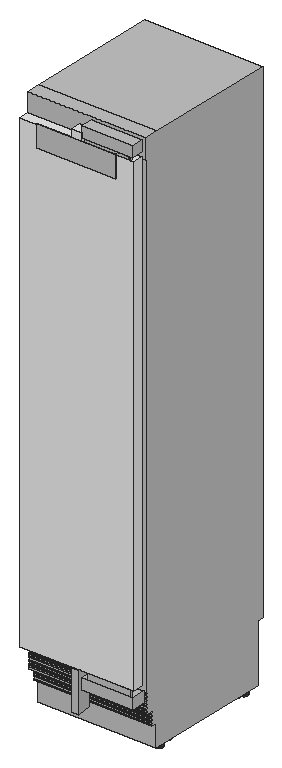
Revit family "FP_Revit_18_RS1884FRJK1_Freezer_90001048A", category Specialty Equipment, Revit 2018
Family settings
  Round Connector Dimension = Use Diameter
  Part Type = Normal
  OmniClass Number = 23.40.40.11.11
  OmniClass Title = Refrigerators and Freezers
  Work Plane-Based = No
  Always vertical = Yes
  Cut with Voids When Loaded = Yes
  Shared = No
  Room Calculation Point = No
Parameters (values of type "RS1884FRJ1")
  Visibility - Water Connection = yes
  Visibility - Visibility Control Note = yes
  Visibility - Clearance Required = yes
  URL = "www.fisherpaykel.com"
  Stainless Steel Door Panels (RD1884R4D) = no
  Product - Width = 451 mm  # constant formula
  Product - Height = 2134 mm  # constant formula
  Product - Depth (exl front panel) = 610 mm  # constant formula
  Model = "RS1884FRJ1"
  Material - Handle = Fisher & Paykel - Aluminium
  Material - Door Structure = Fisher & Paykel - White
  Material - Door Front = Fisher & Paykel - Stainless Steel
  Material - Body = Fisher & Paykel - Grey
  Manufacturer = "Fisher & Paykel Appliances"
  Handle Style - Professional Square (AHV2-RD84) = no
  Handle Style - Professional Round (AHC-RD84) = no
  Handle Style - Contemporary Square (AHD3-RD84) = no
  Handle Style - Contemporary Round (AHS-RD84) = no
  Description = "18\" Integrated Column Freezer with internal ice maker, white interior"
  Connector Description - Water = "1/4\" (6mm) comp. stainless steel braided hose"
  Connector Description - Electrical = "120 V, 10 amp fused electrical supply"
  Cavity - Width = 457 mm  # constant formula
  Cavity - Height = 2134 mm  # constant formula
  Cavity - Depth = 635 mm  # constant formula
Types (3, lengths in mm): name | Model | Description
  (no name) | "RS1884FRJ1" | "18\" Integrated Column Freezer with internal ice maker, white interior"
  RS1884FRJ1 | "RS1884FRJ1" | "18\" Integrated Column Freezer with internal ice maker, white interior"
  RS1884FRJK1 | "RS1884FRJK1" | "18\" Integrated Column Freezer with internal ice maker, stainless steel interior"
Reference planes
  plane 1 "Datum": y = 0
  plane 2: z = 0
  plane 3 "Center (Left/Right)": x = 0
  plane 4 "Product LHS": x = -225.5
  plane 5 "Product RHS": x = 225.5
  plane 6 "Product - Depth": y = 610
  plane 7 "Cavity LHS": x = -228.5
  plane 8 "Cavity RHS": x = 228.5
  plane 9 "Cavity - Depth": y = 612.9
  plane 10 "Handle Offset": x = -162.5
  plane 11 "Product Height": z = 2134
  plane 12 "Cavity Height": z = 2134
  plane 13 "Door Panel Datum": y = -4.1
Forms (mm)
  Extrusion 1, solid, material "Fisher & Paykel - Grey" <- "Material - Body", detail levels fine
    sketch origin (0, 0, 0) x (0, 1, 0) y (0, 0, 1)
      loop
        line (100.1, 19.1) -> (587.9, 19.1) -> (587.9, 239.7) -> (610, 239.7) -> (610, 2131.9) -> (105.1, 2131.9) -> (105.1, 2134) -> (49.9, 2134) -> (49.9, 2059) -> (56, 2059) -> (56, 228.6) -> (59.5, 228.6) -> (59.5, 219.7) -> (56.5, 219.7) -> (56.5, 215.9) -> (59.5, 215.9) -> (59.5, 207) -> (56.5, 207) -> (56.5, 203.2) -> (59.5, 203.2) -> (59.5, 194.3) -> (56.5, 194.3) -> (56.5, 190.5) -> (59.5, 190.5) -> (59.5, 181.6) -> (56.5, 181.6) -> (56.5, 177.8) -> (59.5, 177.8) -> (59.5, 168.9) -> (56.5, 168.9) -> (56.5, 165.1) -> (59.5, 165.1) -> (59.5, 156.2) -> (56.5, 156.2) -> (56.5, 152.4) -> (84.1, 152.4) -> (84.1, 143.5) -> (81.1, 143.5) -> (81.1, 139.7) -> (84.1, 139.7) -> (84.1, 130.8) -> (81.1, 130.8) -> (81.1, 127) -> (84.1, 127) -> (84.1, 118.1) -> (81.1, 118.1) -> (81.1, 114.3) -> (84.1, 114.3) -> (84.1, 105.4) -> (81.1, 105.4) -> (81.1, 101.6) -> (100.1, 101.6) -> (100.1, 19.1)
    from -225.5 to 225.5
  Extrusion 2, solid, material "Fisher & Paykel - Black"
    sketch origin (0, 0, 0) x (1, 0, 0) y (0, 1, 0)
      loop
        circle (-205, 547.8) r 4.1
      loop
        circle (-205, 141.8) r 4.1
      loop
        circle (205, 547.8) r 4.1
      loop
        circle (205, 141.8) r 4.1
    from 3 to 19.5
  Extrusion 3, solid, material "Fisher & Paykel - Black"
    sketch origin (0, 0, 0) x (1, 0, 0) y (0, 1, 0)
      loop
        circle (-205, 547.8) r 14.5
      loop
        circle (-205, 141.8) r 14.555
      loop
        circle (205, 547.8) r 14.5
      loop
        circle (205, 141.8) r 14.555
    from 0 to 3
  Extrusion 4, solid, material "Fisher & Paykel - Grey" <- "Material - Body", detail levels fine
    sketch origin (0, 0, 0) x (1, 0, 0) y (0, 1, 0)
      loop
        line (-7.5, 49) -> (-13.797, -4.1) -> (13.797, -4.1) -> (7.5, 49) -> (-7.5, 49)
    from 104.2 to 254.2
  Extrusion 5, solid, material "Fisher & Paykel - Grey" <- "Material - Body", detail levels fine
    sketch origin (0, 0, 0) x (1, 0, 0) y (0, 0, 1)
      loop
        line (213.9, 2123.15) -> (18.92, 2123.15) -> (18.92, 2081.05) -> (213.9, 2081.05) -> (213.9, 2123.15)
    from -49 to -2.5
  Extrusion 6, solid, material "Fisher & Paykel - Grey" <- "Material - Body", detail levels fine
    sketch origin (0, 0, 0) x (1, 0, 0) y (0, 0, 1)
      loop
        line (41.9, 254.2) -> (41.9, 229.75) -> (206.9, 229.75) -> (206.9, 254.2) -> (41.9, 254.2)
      loop
        line (29.5, 2081.05) -> (29.5, 2068.6) -> (206.9, 2068.6) -> (206.9, 2076.05) -> (166.9, 2081.05) -> (29.5, 2081.05)
    from -7 to -4
  Extrusion 7, solid, material "Fisher & Paykel - Grey" <- "Material - Body", detail levels fine
    sketch origin (0, 0, 0) x (0, 1, 0) y (0, 0, 1)
      loop
        line (0, 2070.6) -> (0, 1988.6) -> (2, 1988.6) -> (2, 2068.6) -> (4, 2068.6) -> (4, 2070.6) -> (0, 2070.6)
    from -150 to 150
  Extrusion 8, solid, material "Fisher & Paykel - Black"
    sketch origin (0, 0, 0) x (1, 0, 0) y (0, 0, 1)
      loop
        circle (150.5, 119.813) r 5
      loop
        circle (-150.5, 119.813) r 5
    from -590 to -587.9
  Extrusion 9, solid, material "Fisher & Paykel - White" <- "Material - Door Structure"
    sketch origin (0, 0, 0) x (1, 0, 0) y (0, 1, 0)
      loop
        line (-200.5, 56) -> (-200.5, 42) -> (200.5, 42) -> (200.5, 56) -> (-200.5, 56)
    from 269.6 to 2030.7
  Extrusion 10, solid, material "Fisher & Paykel - White" <- "Material - Door Structure"
    sketch origin (0, 0, 0) x (1, 0, 0) y (0, 1, 0)
      loop
        line (-216.9, 42) -> (-216.9, 3) -> (216.9, 3) -> (216.9, 42) -> (-216.9, 42)
    from 254.2 to 2068.6
  Extrusion 11, solid, material "Fisher & Paykel - White" <- "Material - Door Structure", detail levels fine
    sketch origin (0, 0, 0) x (1, 0, 0) y (0, 0, 1)
      loop
        line (-18.92, 2100.1) -> (-18.92, 2068.6) -> (18.92, 2068.6) -> (18.92, 2100.1) -> (-18.92, 2100.1)
    from -42 to -3
  Extrusion 12, solid, material "Fisher & Paykel - Stainless Steel" <- "Material - Door Front", visible <- "Stainless Steel Door Panels (RD1884R4D)"
    sketch origin (0, 0, 0) x (0, 1, 0) y (0, 0, 1)
      loop
        line (-22.1, 2130.8) -> (-22.1, 102) -> (-4.1, 102) -> (-4.1, 2130.8) -> (-22.1, 2130.8)
    from -225.5 to 225.5
  Extrusion 13, solid, material "Fisher & Paykel - Grey" <- "Material - Body", detail levels coarse+medium
    sketch origin (0, 0, 0) x (0, 1, 0) y (0, 0, 1)
      loop
        line (49.9, 2134) -> (49.9, 2059) -> (56, 2059) -> (56, 152.4) -> (81.1, 152.4) -> (81.1, 101.6) -> (100.1, 101.6) -> (100.1, 19.1) -> (587.9, 19.1) -> (587.9, 239.7) -> (610, 239.7) -> (610, 2134) -> (49.9, 2134)
    from -225.5 to 225.5
  Extrusion 14, solid, material "Fisher & Paykel - Grey" <- "Material - Body", detail levels fine
    sketch origin (0, 0, 0) x (1, 0, 0) y (0, 0, 1)
      loop
        line (213.9, 187.65) -> (213.9, 229.75) -> (18.92, 229.75) -> (18.92, 187.65) -> (213.9, 187.65)
    from -56 to -2.5
  Extrusion 15, solid, material "Fisher & Paykel - Black", detail levels fine
    sketch origin (0, 0, -4) x (0, 1, 0) y (0, 0, 1)
      loop
        arc (163.888, 23.1) -> (180.4, 13.63) -> (196.912, 23.1) r 19.13
        line (196.912, 23.1) -> (163.888, 23.1)
      loop
        arc (493.888, 23.1) -> (510.4, 13.63) -> (526.912, 23.1) r 19.13
        line (526.912, 23.1) -> (493.888, 23.1)
    from 191 to 219
  Extrusion 16, solid, material "Fisher & Paykel - Black", detail levels fine
    sketch origin (0, 0, -4) x (0, 1, 0) y (0, 0, -1)
      loop
        line (163.888, -23.1) -> (196.912, -23.1)
        arc (196.912, -23.1) -> (180.4, -13.63) -> (163.888, -23.1) r 19.13
      loop
        line (493.888, -23.1) -> (526.912, -23.1)
        arc (526.912, -23.1) -> (510.4, -13.63) -> (493.888, -23.1) r 19.13
    from 191 to 219
  Extrusion 17, solid, material "Fisher & Paykel - Clearance Required", visible <- "Visibility - Clearance Required", detail levels coarse
    sketch origin (0, 0, 0) x (1, 0, 0) y (0, 1, 0)
      loop
        line (-228.5, 612.9) -> (-228.5, -4.1) -> (228.5, -4.1) -> (228.5, 612.9) -> (-228.5, 612.9)
    from 0 to 2134
  Extrusion 18, void
    sketch origin (0, 0, 0) x (1, 0, 0) y (0, 1, 0)
      loop
        line (-228.5, 612.9) -> (-228.5, -22.1) -> (228.5, -22.1) -> (228.5, 612.9) -> (-228.5, 612.9)
    from 0 to 2134
  Extrusion 19, solid, material "Fisher & Paykel - Clearance Required", visible <- "Visibility - Clearance Required", detail levels coarse
    sketch origin (0, 0, 0) x (1, 0, 0) y (0, 1, 0)
      loop
        line (225.5, -22.1) -> (-225.5, -22.1)
        arc (-225.5, -22.1) -> (-5.304, -426.707) -> (453.319, -469.813) r 490
        line (453.319, -469.813) -> (431.257, -422.501) -> (458.764, -409.674)
        arc (458.764, -409.674) -> (467.405, -384.437) -> (441.854, -376.772) r 18.51
        line (441.854, -376.772) -> (415.635, -388.999) -> (262.718, -61.068)
        arc (262.718, -61.068) -> (228.203, -56.776) -> (225.5, -22.1) r 27.5
    from 0 to 2134
Lines and regions (mm)
  model lines, style "Fisher & Paykel"
    curve 1: line (-225.5, -4.1, 2130.8) -> (225.5, -4.1, 2130.8)
    curve 2: line (-225.5, -4.1, 102) -> (-225.5, -4.1, 2130.8)
    curve 3: line (225.5, -4.1, 102) -> (-225.5, -4.1, 102)
    curve 4: line (225.5, -4.1, 2130.8) -> (225.5, -4.1, 102)
Text (mm)
  text "Due to ongoing product development, product details are subject to change without notice. \nPlease always refer to www.fisherpaykel.com for the most current product information. \n© Fisher & Paykel 2020" at (41.04, -588.295, 0), in view "Ref. Level (Plan)"
Dimensions and locks
  equal spacing: plane 4 "Product LHS", plane 3 "Center (Left/Right)", plane 5 "Product RHS"
  "Product - Width": plane 4 "Product LHS" to plane 5 "Product RHS"
  "Product - Depth (exl front panel)": plane 1 "Datum" to plane 6 "Product - Depth"
  equal spacing: plane 7 "Cavity LHS", plane 3 "Center (Left/Right)", plane 8 "Cavity RHS"
  "Cavity - Width": plane 7 "Cavity LHS" to plane 8 "Cavity RHS"
  plane 4 "Product LHS" to Extrusion 2 sketch curve = 24.6 mm
  Extrusion 8 sketch curve to Extrusion 1 = 119.887 mm  (x2)
  Extrusion 8 sketch curve to plane 5 "Product RHS" = 75 mm
  plane 4 "Product LHS" to Extrusion 8 sketch curve = 75 mm
  Extrusion 1 sketch curve to Extrusion 1 sketch curve = 82.5 mm
  Extrusion 1 sketch curve to Extrusion 1 sketch curve = 209.5 mm
  Extrusion 1 sketch curve to Extrusion 1 sketch curve = 220.6 mm
  Extrusion 3 to level = 3 mm
  Extrusion 13 to Extrusion 10 = 235.1 mm
  Extrusion 13 to Extrusion 9 = 250.5 mm
  Extrusion 13 to Extrusion 13 = 2114.9 mm
  "Product - Height": level to plane 11 "Product Height"
  plane 11 "Product Height" to Extrusion 12 = 3.2 mm
  Extrusion 10 to plane 11 "Product Height" = 65.4 mm
  Extrusion 9 to plane 11 "Product Height" = 103.3 mm
  Extrusion 13 sketch curve to plane 11 "Product Height" = 75 mm
  Extrusion 1 sketch curve to plane 11 "Product Height" = 2.1 mm
  Extrusion 1 sketch curve to plane 11 "Product Height" = 75 mm
  "Cavity - Height": plane 12 "Cavity Height" to level
  plane 1 "Datum" to Extrusion 17 = 612.9 mm
  plane 1 "Datum" to Extrusion 18 = 612.9 mm
  plane 4 "Product LHS" to plane 10 "Handle Offset" = 63 mm
  Extrusion 12 to Extrusion 6 sketch curve = 58.6 mm
  Extrusion 6 sketch curve to Extrusion 12 = 18.6 mm
  Extrusion 12 to Extrusion 6 sketch curve = 196 mm
  Extrusion 19 to plane 1 "Datum" = 22.1 mm
  "Cavity - Depth": plane 9 "Cavity - Depth" to Extrusion 19
  radius of Extrusion 8 sketch curve = 5 mm
  aligned and locked: level to plane 2
  aligned and locked: Extrusion 12 to plane 5 "Product RHS"
  aligned and locked: plane 4 "Product LHS" to Extrusion 12
  aligned and locked: Extrusion 13 to plane 5 "Product RHS"
  aligned and locked: Extrusion 13 to plane 4 "Product LHS"
  aligned and locked: Extrusion 13 sketch curve to plane 11 "Product Height"
  aligned and locked: plane 11 "Product Height" to Extrusion 1 sketch curve
  aligned and locked: Extrusion 15 sketch curve to Extrusion 15 sketch curve
  aligned and locked: Extrusion 16 sketch curve to Extrusion 16 sketch curve
  aligned and locked: Extrusion 1 to plane 5 "Product RHS"
  aligned and locked: plane 4 "Product LHS" to Extrusion 1
  aligned and locked: Extrusion 13 sketch curve to Extrusion 1  (x4)
  aligned and locked: nested 5 to plane 10 "Handle Offset"
  aligned and locked: nested 4 to plane 10 "Handle Offset"
  aligned and locked: nested 3 to plane 10 "Handle Offset"
  aligned and locked: nested 2 to plane 10 "Handle Offset"
Automatic sketch dimensions
  Extrusion 1 sketch curve to plane 6 "Product - Depth" = 0 mm
  Extrusion 1 sketch curve to Extrusion 1 sketch curve = 22.1 mm
  Extrusion 1 sketch curve to plane 1 "Datum" = 105.1 mm
  level to Extrusion 1 sketch curve = 19.1 mm
  Extrusion 1 sketch curve to plane 1 "Datum" = 100.1 mm
  Extrusion 1 sketch curve to Extrusion 1 sketch curve = 16 mm
  Extrusion 1 sketch curve to Extrusion 1 sketch curve = 0 mm  (x8)
  Extrusion 1 sketch curve to Extrusion 1 sketch curve = 3 mm  (x10)
  Extrusion 1 sketch curve to plane 1 "Datum" = 59.5 mm
  Extrusion 1 sketch curve to plane 1 "Datum" = 56 mm
  Extrusion 1 sketch curve to plane 1 "Datum" = 49.9 mm
  Extrusion 1 sketch curve to Extrusion 1 sketch curve = 3.8 mm  (x10)
  Extrusion 1 sketch curve to Extrusion 1 sketch curve = 8.9 mm  (x9)
  Extrusion 2 sketch curve to plane 4 "Product LHS" = 20.5 mm  (x2)
  plane 5 "Product RHS" to Extrusion 2 sketch curve = 20.5 mm  (x2)
  Extrusion 2 sketch curve to plane 1 "Datum" = 141.8 mm  (x2)
  Extrusion 2 sketch curve to plane 6 "Product - Depth" = 62.2 mm  (x2)
  Extrusion 3 sketch curve to plane 4 "Product LHS" = 20.5 mm  (x2)
  plane 5 "Product RHS" to Extrusion 3 sketch curve = 20.5 mm  (x2)
  Extrusion 3 sketch curve to plane 1 "Datum" = 141.8 mm  (x2)
  Extrusion 3 sketch curve to plane 6 "Product - Depth" = 62.2 mm  (x2)
  plane 1 "Datum" to Extrusion 4 sketch curve = 4.1 mm
  Extrusion 4 sketch curve to plane 3 "Center (Left/Right)" = 13.797 mm
  Extrusion 4 sketch curve to plane 3 "Center (Left/Right)" = 7.5 mm
  plane 3 "Center (Left/Right)" to Extrusion 4 sketch curve = 7.5 mm
  plane 3 "Center (Left/Right)" to Extrusion 4 sketch curve = 13.797 mm
  Extrusion 4 sketch curve to plane 1 "Datum" = 49 mm
  plane 3 "Center (Left/Right)" to Extrusion 5 sketch curve = 18.92 mm
  plane 5 "Product RHS" to Extrusion 5 sketch curve = 11.6 mm
  plane 11 "Product Height" to Extrusion 5 sketch curve = 52.95 mm
  plane 11 "Product Height" to Extrusion 5 sketch curve = 10.85 mm
  plane 3 "Center (Left/Right)" to Extrusion 6 sketch curve = 41.9 mm
  plane 5 "Product RHS" to Extrusion 6 sketch curve = 18.6 mm
  level to Extrusion 6 sketch curve = 229.75 mm
  Extrusion 6 sketch curve to Extrusion 6 sketch curve = 24.45 mm
  plane 11 "Product Height" to Extrusion 6 sketch curve = 65.4 mm
  Extrusion 6 sketch curve to Extrusion 6 sketch curve = 7.45 mm
  Extrusion 6 sketch curve to Extrusion 6 sketch curve = 5 mm
  Extrusion 7 sketch curve to plane 1 "Datum" = 0 mm
  Extrusion 7 sketch curve to plane 1 "Datum" = 2 mm
  Extrusion 7 sketch curve to Extrusion 7 sketch curve = 2 mm  (x2)
  plane 11 "Product Height" to Extrusion 7 sketch curve = 145.4 mm
  plane 11 "Product Height" to Extrusion 7 sketch curve = 65.4 mm
  Extrusion 9 sketch curve to plane 4 "Product LHS" = 25 mm
  plane 5 "Product RHS" to Extrusion 9 sketch curve = 25 mm
  Extrusion 9 sketch curve to plane 1 "Datum" = 42 mm
  Extrusion 9 sketch curve to Extrusion 9 sketch curve = 14 mm
  Extrusion 10 sketch curve to plane 1 "Datum" = 3 mm
  Extrusion 10 sketch curve to plane 4 "Product LHS" = 8.6 mm
  plane 5 "Product RHS" to Extrusion 10 sketch curve = 8.6 mm
  Extrusion 10 sketch curve to Extrusion 10 sketch curve = 39 mm
  Extrusion 11 sketch curve to plane 3 "Center (Left/Right)" = 18.92 mm
  plane 3 "Center (Left/Right)" to Extrusion 11 sketch curve = 18.92 mm
  plane 11 "Product Height" to Extrusion 11 sketch curve = 65.4 mm
  Extrusion 11 sketch curve to Extrusion 11 sketch curve = 31.5 mm
  plane 1 "Datum" to Extrusion 12 sketch curve = 22.1 mm
  plane 1 "Datum" to Extrusion 12 sketch curve = 4.1 mm
  level to Extrusion 12 sketch curve = 102 mm
  plane 11 "Product Height" to Extrusion 12 sketch curve = 3.2 mm
  Extrusion 13 sketch curve to plane 6 "Product - Depth" = 0 mm
  Extrusion 13 sketch curve to plane 6 "Product - Depth" = 22.1 mm
  Extrusion 13 sketch curve to plane 1 "Datum" = 100.1 mm
  Extrusion 13 sketch curve to Extrusion 13 sketch curve = 19 mm
  Extrusion 13 sketch curve to plane 1 "Datum" = 56 mm
  Extrusion 13 sketch curve to plane 1 "Datum" = 49.9 mm
  plane 3 "Center (Left/Right)" to Extrusion 14 sketch curve = 18.92 mm
  plane 5 "Product RHS" to Extrusion 14 sketch curve = 11.6 mm
  level to Extrusion 14 sketch curve = 187.65 mm
  Extrusion 14 sketch curve to Extrusion 14 sketch curve = 42.1 mm
  level to Extrusion 15 sketch curve = 19.1 mm
  Extrusion 15 sketch curve to plane 1 "Datum" = 163.888 mm
  Extrusion 15 sketch curve to Extrusion 15 sketch curve = 16.512 mm  (x2)
  Extrusion 15 sketch curve to plane 6 "Product - Depth" = 116.112 mm
  Extrusion 15 sketch curve to Extrusion 15 sketch curve = 9.66 mm  (x2)
  level to Extrusion 16 sketch curve = 19.1 mm
  Extrusion 16 sketch curve to plane 1 "Datum" = 163.888 mm
  Extrusion 16 sketch curve to Extrusion 16 sketch curve = 16.512 mm  (x2)
  Extrusion 16 sketch curve to plane 6 "Product - Depth" = 116.112 mm
  Extrusion 16 sketch curve to Extrusion 16 sketch curve = 9.66 mm  (x2)
  Extrusion 17 sketch curve to plane 7 "Cavity LHS" = 0 mm
  Extrusion 17 sketch curve to plane 8 "Cavity RHS" = 0 mm
  Extrusion 17 sketch curve to plane 9 "Cavity - Depth" = 0 mm
  plane 1 "Datum" to Extrusion 17 sketch curve = 4.1 mm
  Extrusion 18 sketch curve to plane 7 "Cavity LHS" = 0 mm
  Extrusion 18 sketch curve to plane 8 "Cavity RHS" = 0 mm
  plane 9 "Cavity - Depth" to Extrusion 18 sketch curve = 0 mm
  plane 1 "Datum" to Extrusion 18 sketch curve = 22.1 mm
  Extrusion 19 sketch curve to plane 4 "Product LHS" = 0 mm
  plane 5 "Product RHS" to Extrusion 19 sketch curve = 0 mm
  Extrusion 19 sketch curve to plane 8 "Cavity RHS" = 19.59 mm
  Extrusion 19 sketch curve to Extrusion 19 sketch curve = 14.629 mm
  plane 1 "Datum" to Extrusion 19 sketch curve = 17.663 mm
  Extrusion 19 sketch curve to Extrusion 19 sketch curve = 16.39 mm
  Extrusion 19 sketch curve to plane 8 "Cavity RHS" = 187.135 mm
  Extrusion 19 sketch curve to Extrusion 19 sketch curve = 15.622 mm
  Extrusion 19 sketch curve to Extrusion 19 sketch curve = 26.219 mm
  Extrusion 19 sketch curve to Extrusion 19 sketch curve = 9.088 mm
  Extrusion 19 sketch curve to Extrusion 19 sketch curve = 22.062 mm
  Extrusion 19 sketch curve to Extrusion 19 sketch curve = 7.823 mm
  plane 1 "Datum" to Extrusion 19 sketch curve = 22.1 mm
  Extrusion 19 sketch curve to Extrusion 19 sketch curve = 20.12 mm
  Extrusion 19 sketch curve to Extrusion 19 sketch curve = 93.041 mm
  Extrusion 19 sketch curve to Extrusion 19 sketch curve = 16.126 mm
  plane 5 "Product RHS" to curve 1 = 0 mm
  plane 4 "Product LHS" to curve 3 = 0 mm
  level to curve 3 = 102 mm
  plane 11 "Product Height" to curve 2 = 3.2 mm
  radius of Extrusion 2 sketch curve = 4.1 mm  (x3)
  radius of Extrusion 3 sketch curve = 14.5 mm  (x2)
  radius of Extrusion 3 sketch curve = 14.555 mm  (x2)
  radius of Extrusion 8 sketch curve = 5 mm
Nested families
  nested 1: "Visibility Control Note 18" at (0, 0, 0), visible <- "Visibility - Visibility Control Note", type "Visibility Control Note 18"
  nested 2: "Handle Contemporary Round - Vertical" at (-162.5, -22.1, 1242.58), visible <- "Handle Style - Contemporary Round (AHS-RD84)", type "AHS-RD84 - Contemporary round handle (Vertical) 852mm"
  nested 3: "Handle Professional Round - Vertical" at (-162.5, -22.1, 1242.58), visible <- "Handle Style - Professional Round (AHC-RD84)", type "AHC-RD84 - Professional round handle (Vertical) 786mm"
  nested 4: "Handle Professional Square - Vertical" at (-162.5, -22.1, 1242.58), visible <- "Handle Style - Professional Square (AHV2-RD84)", type "AHV2-RD84 - Professional square handle (Vertical) 792mm"
  nested 5: "Handle Contemporary Square - Vertical" at (-162.5, -22.1, 1242.58), visible <- "Handle Style - Contemporary Square (AHD3-RD84)", type "AHD3-RD84 - Contemporary square handle (Vertical) 852mm"
Connectors
  electrical at (-150.5, 590, 119.813), driven by "Connector Description - Electrical"
    settings: on Extrusion 8, index 1, voltage 120 V, apparent load 0 VA, apparent load phase1 0 VA, apparent load phase2 0 VA, apparent load phase3 0 VA, power factor 1, load classification "Other", number of poles 1, system type 30, power factor state 1, is connector primary yes, connector utility no, sub classification motor no, connector description "120 V, 10 amp fused electrical supply"
  piping at (150.5, 590, 119.813), diameter 12.7, driven by "Connector Description - Water", driven by "Visibility - Water Connection"
    settings: on Extrusion 8, index 2, connector inside diameter 609.6 mm, connector length 0 mm, flow factor 0, pipe flow 0.0 L/s, pressure drop 0.0 Pa, fitting loss kfactor 0, connector angle 0.00°, fixture units 0, engagement length 0 mm, angle of deflection 0.00°, flow configuration 0, flow direction 1, fitting loss method 0, system type 20, joint type 0, gender type 0, connector reference index -1, connector utility 1, adjustable connector no, is connector primary yes, connector description "1/4\" (6mm) comp. stainless steel braided hose"
Definition of nested family "Handle Contemporary Round - Vertical"
  Parameters (values of type "AHSRS80A - Contemporary round handle (1 of 2) (Vertical) 727mm")
    URL = "www.fisherpaykel.com"
    Material - Handle = none
    Manufacturer = "Fisher & Paykel Appliances"
    Handle - Length = 727 mm
  Types (6, lengths in mm): name | Handle - Length
    AHS-RD21 - Contemporary round handle (Vertical) 852mm | 852
    AHSRD2484W - Contemporary round handle (1 of 2) (Vertical) 727mm | 727
    AHSRD3084W - Contemporary round handle (1 of 2) (Vertical) 727mm | 727
    AHS-RD84 - Contemporary round handle (Vertical) 852mm | 852
    AHSRS3272A - Contemporary round handle (1 of 2) (Vertical) 727mm | 727
    AHSRS80A - Contemporary round handle (1 of 2) (Vertical) 727mm | 727
  Reference planes
    plane 1 "Center (Front/Back)": y = 0
    plane 2: z = 0
    plane 3 "Center (Left/Right)": x = 0
    plane 4 "Top": z = 363.5
    plane 5 "Bottom": z = -363.5
    plane 6 "Top Standoff": z = 243.5
    plane 7 "Bottom Standoff": z = -243.5
  Forms (mm)
    Extrusion 1, solid, material <- "Material - Handle"
      sketch origin (0, 0, 0) x (1, 0, 0) y (0, 1, 0)
        loop
          circle (0, -32.3) r 8.7
      from -243.5 to 243.5
    Extrusion 2, solid, material <- "Material - Handle", detail levels fine
      sketch origin (0, 0, 0) x (1, 0, 0) y (0, 1, 0)
        loop
          line (-8.7, 0) -> (-8.7, -32.3)
          arc (-8.7, -32.3) -> (0, -41) -> (8.7, -32.3) r 8.7
          line (8.7, -32.3) -> (8.7, 0) -> (-8.7, 0)
      from 243.5 to 363.5
    Extrusion 3, solid, material <- "Material - Handle", detail levels fine
      sketch origin (0, 0, 0) x (1, 0, 0) y (0, 1, 0)
        loop
          line (-8.7, 0) -> (-8.7, -32.3)
          arc (-8.7, -32.3) -> (0, -41) -> (8.7, -32.3) r 8.7
          line (8.7, -32.3) -> (8.7, 0) -> (-8.7, 0)
      from -363.5 to -243.5
    Sweep 4, void
      path in 3D
        loop
          line (8.7, 0, -363.5) -> (8.7, -32.3, -363.5)
          arc (8.7, -32.3, -363.5) -> (0, -41, -363.5) -> (-8.7, -32.3, -363.5) r 8.7
          line (-8.7, -32.3, -363.5) -> (-8.7, 0, -363.5)
      profile origin (8.7, -16.15, -363.5) x (-1, 0, 0) y (0, 0, -1)
        loop
          line (0, 0) -> (0, -1) -> (1, 0) -> (0, 0)
    Sweep 5, void
      path in 3D
        loop
          line (-8.7, 0, 363.5) -> (-8.7, -32.3, 363.5)
          arc (-8.7, -32.3, 363.5) -> (0, -41, 363.5) -> (8.7, -32.3, 363.5) r 8.7
          line (8.7, -32.3, 363.5) -> (8.7, 0, 363.5)
      profile origin (8.7, -16.15, 363.5) x (-1, 0, 0) y (0, 0, 1)
        loop
          line (0, 0) -> (0, -1) -> (1, 0) -> (0, 0)
    Extrusion 6, solid, material <- "Material - Handle", detail levels coarse+medium
      sketch origin (0, 0, 0) x (1, 0, 0) y (0, 1, 0)
        loop
          line (-8.7, 0) -> (-8.7, -32.3)
          arc (-8.7, -32.3) -> (0, -41) -> (8.7, -32.3) r 8.7
          line (8.7, -32.3) -> (8.7, 0) -> (-8.7, 0)
      from 243.5 to 363.5
    Extrusion 7, solid, material <- "Material - Handle", detail levels coarse+medium
      sketch origin (0, 0, 0) x (1, 0, 0) y (0, 1, 0)
        loop
          line (-8.7, 0) -> (-8.7, -32.3)
          arc (-8.7, -32.3) -> (0, -41) -> (8.7, -32.3) r 8.7
          line (8.7, -32.3) -> (8.7, 0) -> (-8.7, 0)
      from -363.5 to -243.5
  Cuts and joins
    Sweep 4 cuts Extrusion 3
    Sweep 5 cuts Extrusion 2
  Lines and regions (mm)
    sketch lines
      curve 1: line (8.7, 0, -363.5) -> (8.7, -32.3, -363.5)
      curve 2: arc (-8.7, -32.3, -363.5) -> (0, -41, -363.5) -> (8.7, -32.3, -363.5) r 8.7
      curve 3: line (-8.7, -32.3, -363.5) -> (-8.7, 0, -363.5)
      curve 4: line (8.7, -32.3, 363.5) -> (8.7, 0, 363.5)
      curve 5: arc (8.7, -32.3, 363.5) -> (0, -41, 363.5) -> (-8.7, -32.3, 363.5) r 8.7
      curve 6: line (-8.7, 0, 363.5) -> (-8.7, -32.3, 363.5)
  Dimensions and locks
    equal spacing: plane 4 "Top", level, plane 5 "Bottom"
    "Handle - Length": plane 4 "Top" to plane 5 "Bottom"
    locked: plane 4 "Top" to plane 6 "Top Standoff" at 120
    locked: plane 7 "Bottom Standoff" to plane 5 "Bottom" at 120
    Extrusion 2 sketch curve to Extrusion 2 sketch curve = 17.4 mm
    Extrusion 3 sketch curve to Extrusion 3 sketch curve = 17.4 mm
    Extrusion 6 sketch curve to Extrusion 6 sketch curve = 17.4 mm
    Extrusion 7 sketch curve to Extrusion 7 sketch curve = 17.4 mm
    aligned and locked: level to plane 2
    aligned and locked: plane 4 "Top" to Extrusion 2
    aligned and locked: Extrusion 3 to plane 5 "Bottom"
    aligned and locked: plane 7 "Bottom Standoff" to Extrusion 3
    aligned and locked: Extrusion 1 to plane 7 "Bottom Standoff"
    aligned and locked: plane 6 "Top Standoff" to Extrusion 1
    aligned and locked: Extrusion 2 to Extrusion 1
    aligned and locked: Extrusion 6 to Extrusion 1
    aligned and locked: plane 4 "Top" to Extrusion 6
    aligned and locked: Extrusion 7 to Extrusion 1
    aligned and locked: Extrusion 7 to plane 5 "Bottom"
  Automatic sketch dimensions
    Extrusion 1 sketch curve to plane 3 "Center (Left/Right)" = 0 mm
    plane 1 "Center (Front/Back)" to Extrusion 1 sketch curve = 32.3 mm
    plane 1 "Center (Front/Back)" to Extrusion 2 sketch curve = 0 mm
    Extrusion 2 sketch curve to plane 3 "Center (Left/Right)" = 0 mm
    Extrusion 2 sketch curve to plane 3 "Center (Left/Right)" = 8.7 mm
    plane 1 "Center (Front/Back)" to Extrusion 2 sketch curve = 32.3 mm
    plane 1 "Center (Front/Back)" to Extrusion 3 sketch curve = 0 mm
    Extrusion 3 sketch curve to plane 3 "Center (Left/Right)" = 0 mm
    Extrusion 3 sketch curve to plane 3 "Center (Left/Right)" = 8.7 mm
    plane 1 "Center (Front/Back)" to Extrusion 3 sketch curve = 32.3 mm
    Sweep 4 sketch curve to profile plane = 0 mm  (x2)
    Sweep 4 sketch curve to profile plane = 1 mm  (x2)
    Sweep 5 sketch curve to profile plane = 0 mm  (x2)
    Sweep 5 sketch curve to profile plane = 1 mm  (x2)
    Extrusion 6 sketch curve to plane 3 "Center (Left/Right)" = 0 mm
    Extrusion 6 sketch curve to plane 3 "Center (Left/Right)" = 8.7 mm
    plane 1 "Center (Front/Back)" to Extrusion 6 sketch curve = 32.3 mm
    Extrusion 6 sketch curve to Extrusion 6 sketch curve = 32.3 mm
    Extrusion 7 sketch curve to plane 3 "Center (Left/Right)" = 0 mm
    Extrusion 7 sketch curve to plane 3 "Center (Left/Right)" = 8.7 mm
    plane 1 "Center (Front/Back)" to Extrusion 7 sketch curve = 32.3 mm
    Extrusion 7 sketch curve to Extrusion 7 sketch curve = 32.3 mm
    radius of Extrusion 1 sketch curve = 8.7 mm
Definition of nested family "Handle Professional Round - Vertical"
  Parameters (values of type "AHCRD2484W - Professional round handle (1 of 2) (Vertical) 661mm")
    URL = "www.fisherpaykel.com"
    Material - Standoff = none
    Material - Handle = none
    Manufacturer = "Fisher & Paykel Appliances"
    Handle - Length = 661 mm
  Types (5, lengths in mm): name | Handle - Length
    (no name) | 661
    AHCRD2484W - Professional round handle (1 of 2) (Vertical) 661mm | 661
    AHCRD3084W - Professional round handle (1 of 2) (Vertical) 661mm | 661
    AHC-RD84 - Professional round handle (Vertical) 786mm | 786
    AHCRS3272A - Professional round handle (1 of 2) (Vertical) 661mm | 661
  Reference planes
    plane 1 "Center (Front/Back)": y = 0
    plane 2: z = 0
    plane 3 "Center (Left/Right)": x = 0
    plane 4 "Top": z = 330.5
    plane 5 "Bottom": z = -330.5
    plane 6 "Top Standoff": z = 286.5
    plane 7 "Bottom Standoff": z = -286.5
  Forms (mm)
    Extrusion 1, solid, material <- "Material - Standoff", detail levels fine
      sketch origin (0, 0, 0) x (1, 0, 0) y (0, 1, 0)
        loop
          line (-18.5, 0) -> (-18.5, -39.4)
          arc (-18.5, -39.4) -> (0, -57.9) -> (18.5, -39.4) r 18.5
          line (18.5, -39.4) -> (18.5, 0) -> (-18.5, 0)
      from 286.5 to 330.5
    Extrusion 2, solid, material <- "Material - Standoff", detail levels fine
      sketch origin (0, 0, 0) x (1, 0, 0) y (0, 1, 0)
        loop
          line (-18.5, 0) -> (-18.5, -39.4)
          arc (-18.5, -39.4) -> (0, -57.9) -> (18.5, -39.4) r 18.5
          line (18.5, -39.4) -> (18.5, 0) -> (-18.5, 0)
      from -330.5 to -286.5
    Extrusion 3, solid, material <- "Material - Handle"
      sketch origin (0, 0, 0) x (1, 0, 0) y (0, 1, 0)
        loop
          circle (0, -39.4) r 12.7
      from -286.5 to 286.5
    Sweep 4, void
      path in 3D
        loop
          line (-18.5, 0, 330.5) -> (-18.5, -39.4, 330.5)
          arc (-18.5, -39.4, 330.5) -> (0, -57.9, 330.5) -> (18.5, -39.4, 330.5) r 18.5
          line (18.5, -39.4, 330.5) -> (18.5, 0, 330.5)
      profile origin (18.5, -19.7, 330.5) x (-1, 0, 0) y (0, 0, 1)
        loop
          line (0, 0) -> (0, -3) -> (3, 0) -> (0, 0)
    Sweep 5, void
      path in 3D
        loop
          line (18.5, 0, -330.5) -> (18.5, -39.4, -330.5)
          arc (18.5, -39.4, -330.5) -> (0, -57.9, -330.5) -> (-18.5, -39.4, -330.5) r 18.5
          line (-18.5, -39.4, -330.5) -> (-18.5, 0, -330.5)
      profile origin (18.5, -19.7, -330.5) x (-1, 0, 0) y (0, 0, -1)
        loop
          line (0, 0) -> (0, -3) -> (3, 0) -> (0, 0)
    Extrusion 6, solid, material <- "Material - Standoff", detail levels coarse+medium
      sketch origin (0, 0, 0) x (1, 0, 0) y (0, 1, 0)
        loop
          line (-18.5, 0) -> (-18.5, -39.4)
          arc (-18.5, -39.4) -> (0, -57.9) -> (18.5, -39.4) r 18.5
          line (18.5, -39.4) -> (18.5, 0) -> (-18.5, 0)
      from 286.5 to 330.5
    Extrusion 7, solid, material <- "Material - Standoff", detail levels coarse+medium
      sketch origin (0, 0, 0) x (1, 0, 0) y (0, 1, 0)
        loop
          line (-18.5, 0) -> (-18.5, -39.4)
          arc (-18.5, -39.4) -> (0, -57.9) -> (18.5, -39.4) r 18.5
          line (18.5, -39.4) -> (18.5, 0) -> (-18.5, 0)
      from -330.5 to -286.5
  Cuts and joins
    Sweep 4 cuts Extrusion 1
    Sweep 5 cuts Extrusion 2
  Lines and regions (mm)
    sketch lines
      curve 1: line (18.5, -39.4, 330.5) -> (18.5, 0, 330.5)
      curve 2: arc (18.5, -39.4, 330.5) -> (0, -57.9, 330.5) -> (-18.5, -39.4, 330.5) r 18.5
      curve 3: line (-18.5, 0, 330.5) -> (-18.5, -39.4, 330.5)
      curve 4: line (18.5, 0, -330.5) -> (18.5, -39.4, -330.5)
      curve 5: arc (-18.5, -39.4, -330.5) -> (0, -57.9, -330.5) -> (18.5, -39.4, -330.5) r 18.5
      curve 6: line (-18.5, -39.4, -330.5) -> (-18.5, 0, -330.5)
  Dimensions and locks
    equal spacing: plane 4 "Top", level, plane 5 "Bottom"
    "Handle - Length": plane 4 "Top" to plane 5 "Bottom"
    plane 4 "Top" to plane 6 "Top Standoff" = 44 mm
    plane 7 "Bottom Standoff" to plane 5 "Bottom" = 44 mm
    aligned and locked: level to plane 2
    aligned and locked: plane 4 "Top" to Extrusion 1
    aligned and locked: Extrusion 1 to plane 6 "Top Standoff"
    aligned and locked: Extrusion 2 to plane 5 "Bottom"
    aligned and locked: plane 7 "Bottom Standoff" to Extrusion 2
    aligned and locked: plane 6 "Top Standoff" to Extrusion 3
    aligned and locked: Extrusion 3 to plane 7 "Bottom Standoff"
    aligned and locked: plane 4 "Top" to Extrusion 6
    aligned and locked: Extrusion 7 to plane 5 "Bottom"
    aligned and locked: plane 7 "Bottom Standoff" to Extrusion 7
    aligned and locked: Extrusion 6 to plane 6 "Top Standoff"
  Automatic sketch dimensions
    plane 1 "Center (Front/Back)" to Extrusion 1 sketch curve = 0 mm
    Extrusion 1 sketch curve to plane 3 "Center (Left/Right)" = 0 mm
    Extrusion 1 sketch curve to plane 3 "Center (Left/Right)" = 18.5 mm
    plane 1 "Center (Front/Back)" to Extrusion 1 sketch curve = 39.4 mm
    plane 1 "Center (Front/Back)" to Extrusion 2 sketch curve = 0 mm
    Extrusion 2 sketch curve to plane 3 "Center (Left/Right)" = 0 mm
    Extrusion 2 sketch curve to plane 3 "Center (Left/Right)" = 18.5 mm
    plane 1 "Center (Front/Back)" to Extrusion 2 sketch curve = 39.4 mm
    Extrusion 3 sketch curve to plane 3 "Center (Left/Right)" = 0 mm
    plane 1 "Center (Front/Back)" to Extrusion 3 sketch curve = 39.4 mm
    Sweep 4 sketch curve to profile plane = 0 mm  (x2)
    Sweep 4 sketch curve to profile plane = 3 mm  (x2)
    Sweep 5 sketch curve to profile plane = 0 mm  (x2)
    Sweep 5 sketch curve to profile plane = 3 mm  (x2)
    Extrusion 6 sketch curve to plane 3 "Center (Left/Right)" = 0 mm
    Extrusion 6 sketch curve to plane 3 "Center (Left/Right)" = 18.5 mm
    plane 1 "Center (Front/Back)" to Extrusion 6 sketch curve = 39.4 mm
    Extrusion 6 sketch curve to Extrusion 6 sketch curve = 39.4 mm
    Extrusion 7 sketch curve to plane 3 "Center (Left/Right)" = 0 mm
    Extrusion 7 sketch curve to plane 3 "Center (Left/Right)" = 18.5 mm
    plane 1 "Center (Front/Back)" to Extrusion 7 sketch curve = 39.4 mm
    Extrusion 7 sketch curve to Extrusion 7 sketch curve = 39.4 mm
    radius of Extrusion 3 sketch curve = 12.7 mm
Definition of nested family "Handle Professional Square - Vertical"
  Parameters (values of type "AHV2RS3272A - Professional square handle (1 of 2) (Vertical) 727mm")
    URL = "www.fisherpaykel.com"
    Material - Handle = none
    Manufacturer = "Fisher & Paykel Appliances"
    Handle - Length = 727 mm
  Types (5, lengths in mm): name | Handle - Length
    (no name) | 727
    AHV2RD2484W - Professional square handle (1 of 2) (Vertical) 727mm | 727
    AHV2RD3084W - Professional square handle (1 of 2) (Vertical) 727mm | 727
    AHV2-RD84 - Professional square handle (Vertical) 792mm | 792
    AHV2RS3272A - Professional square handle (1 of 2) (Vertical) 727mm | 727
  Reference planes
    plane 1 "Center (Front/Back)": y = 0
    plane 2: z = 0
    plane 3 "Center (Left/Right)": x = 0
    plane 4 "Top": z = 363.5
    plane 5 "Bottom": z = -363.5
    plane 6 "Top Standoff": z = 313.5
    plane 7 "Bottom Standoff": z = -313.5
  Forms (mm)
    Extrusion 1, solid, material <- "Material - Handle", detail levels fine
      sketch origin (0, 0, 0) x (0, 1, 0) y (0, 0, 1)
        loop
          line (0, 363.5) -> (-40, 363.5)
          arc (-40, 363.5) -> (-47.071, 360.571) -> (-50, 353.5) r 10
          line (-50, 353.5) -> (-50, 313.5) -> (0, 313.5) -> (0, 363.5)
        loop
          line (0, -363.5) -> (0, -313.5) -> (-50, -313.5) -> (-50, -353.5)
          arc (-50, -353.5) -> (-47.071, -360.571) -> (-40, -363.5) r 10
          line (-40, -363.5) -> (0, -363.5)
      from -17.5 to 17.5
    Sweep 2, void
      path in 3D
        loop
          line (17.5, 0, 363.5) -> (17.5, -40, 363.5)
          arc (17.5, -40, 363.5) -> (17.5, -47.071, 360.571) -> (17.5, -50, 353.5) r 10
          line (17.5, -50, 353.5) -> (17.5, -50, 313.5)
      profile origin (17.5, -20, 363.5) x (1, 0, 0) y (0, 0, 1)
        loop
          line (0, 0) -> (-2.5, 0) -> (0, -2.5) -> (0, 0)
    Sweep 3, void
      path in 3D
        loop
          line (-17.5, -50, 313.5) -> (-17.5, -50, 353.5)
          arc (-17.5, -50, 353.5) -> (-17.5, -47.071, 360.571) -> (-17.5, -40, 363.5) r 10
          line (-17.5, -40, 363.5) -> (-17.5, 0, 363.5)
      profile origin (-17.5, -20, 363.5) x (-1, 0, 0) y (0, 0, 1)
        loop
          line (0, 0) -> (-2.5, 0) -> (0, -2.5) -> (0, 0)
    Sweep 4, void
      path in 3D
        loop
          line (17.5, -50, -313.5) -> (17.5, -50, -353.5)
          arc (17.5, -50, -353.5) -> (17.5, -47.071, -360.571) -> (17.5, -40, -363.5) r 10
          line (17.5, -40, -363.5) -> (17.5, 0, -363.5)
      profile origin (17.5, -20, -363.5) x (1, 0, 0) y (0, 0, -1)
        loop
          line (0, 0) -> (-2.5, 0) -> (0, -2.5) -> (0, 0)
    Sweep 5, void
      path in 3D
        loop
          line (-17.5, 0, -363.5) -> (-17.5, -40, -363.5)
          arc (-17.5, -40, -363.5) -> (-17.5, -47.071, -360.571) -> (-17.5, -50, -353.5) r 10
          line (-17.5, -50, -353.5) -> (-17.5, -50, -313.5)
      profile origin (-17.5, -20, -363.5) x (-1, 0, 0) y (0, 0, -1)
        loop
          line (0, 0) -> (-2.5, 0) -> (0, -2.5) -> (0, 0)
    Extrusion 6, solid, material <- "Material - Handle", detail levels fine
      sketch origin (0, 0, 0) x (1, 0, 0) y (0, 1, 0)
        loop
          line (-15.5, -36.737) -> (-15.5, -46.422) -> (-14.172, -47.75) -> (14.172, -47.75) -> (15.5, -46.422) -> (15.5, -36.737)
          arc (15.5, -36.737) -> (0, -32.25) -> (-15.5, -36.737) r 29.013
      from -313.5 to 313.5
    Extrusion 7, solid, material <- "Material - Handle", detail levels coarse+medium
      sketch origin (0, 0, 0) x (0, 1, 0) y (0, 0, 1)
        loop
          line (0, 363.5) -> (-40, 363.5)
          arc (-40, 363.5) -> (-47.071, 360.571) -> (-50, 353.5) r 10
          line (-50, 353.5) -> (-50, -353.5)
          arc (-50, -353.5) -> (-47.071, -360.571) -> (-40, -363.5) r 10
          line (-40, -363.5) -> (0, -363.5) -> (0, -313.5) -> (-31.95, -313.5) -> (-31.95, 313.5) -> (0, 313.5) -> (0, 363.5)
      from -17.5 to 17.5
  Cuts and joins
    Sweep 2, Sweep 3, Sweep 4, Sweep 5 cuts Extrusion 1
  Lines and regions (mm)
    sketch lines
      curve 1: line (17.5, 0, 363.5) -> (17.5, -40, 363.5)
      curve 2: arc (17.5, -50, 353.5) -> (17.5, -47.071, 360.571) -> (17.5, -40, 363.5) r 10
      curve 3: line (17.5, -50, 353.5) -> (17.5, -50, 313.5)
      curve 4: line (-17.5, -40, 363.5) -> (-17.5, 0, 363.5)
      curve 5: arc (-17.5, -40, 363.5) -> (-17.5, -47.071, 360.571) -> (-17.5, -50, 353.5) r 10
      curve 6: line (-17.5, -50, 313.5) -> (-17.5, -50, 353.5)
      curve 7: line (17.5, -40, -363.5) -> (17.5, 0, -363.5)
      curve 8: arc (17.5, -40, -363.5) -> (17.5, -47.071, -360.571) -> (17.5, -50, -353.5) r 10
      curve 9: line (17.5, -50, -313.5) -> (17.5, -50, -353.5)
      curve 10: line (-17.5, 0, -363.5) -> (-17.5, -40, -363.5)
      curve 11: arc (-17.5, -50, -353.5) -> (-17.5, -47.071, -360.571) -> (-17.5, -40, -363.5) r 10
      curve 12: line (-17.5, -50, -353.5) -> (-17.5, -50, -313.5)
  Dimensions and locks
    equal spacing: plane 4 "Top", level, plane 5 "Bottom"
    "Handle - Length": plane 4 "Top" to plane 5 "Bottom"
    plane 7 "Bottom Standoff" to plane 5 "Bottom" = 50 mm
    plane 4 "Top" to plane 6 "Top Standoff" = 50 mm
    aligned and locked: level to plane 2
    aligned and locked: plane 4 "Top" to Extrusion 1 sketch curve
    aligned and locked: plane 5 "Bottom" to Extrusion 1 sketch curve
    aligned and locked: Extrusion 1 sketch curve to plane 1 "Center (Front/Back)"
    aligned and locked: plane 1 "Center (Front/Back)" to Extrusion 1 sketch curve
    aligned and locked: plane 6 "Top Standoff" to Extrusion 1 sketch curve
    aligned and locked: plane 7 "Bottom Standoff" to Extrusion 1 sketch curve
    aligned and locked: plane 6 "Top Standoff" to Extrusion 6
    aligned and locked: Extrusion 6 to plane 7 "Bottom Standoff"
    aligned and locked: plane 4 "Top" to Extrusion 7 sketch curve
    aligned and locked: plane 6 "Top Standoff" to Extrusion 7 sketch curve
    aligned and locked: plane 1 "Center (Front/Back)" to Extrusion 7 sketch curve
    aligned and locked: plane 7 "Bottom Standoff" to Extrusion 7 sketch curve
    aligned and locked: plane 5 "Bottom" to Extrusion 7 sketch curve
    aligned and locked: Extrusion 7 sketch curve to plane 1 "Center (Front/Back)"
  Automatic sketch dimensions
    Sweep 2 sketch curve to profile plane = 0 mm
    profile plane to Sweep 2 sketch curve = 0 mm
    profile plane to Sweep 2 sketch curve = 2.5 mm
    Sweep 2 sketch curve to profile plane = 2.5 mm
    Sweep 3 sketch curve to profile plane = 0 mm  (x2)
    profile plane to Sweep 3 sketch curve = 2.5 mm
    Sweep 3 sketch curve to profile plane = 2.5 mm
    Sweep 4 sketch curve to profile plane = 0 mm
    profile plane to Sweep 4 sketch curve = 0 mm
    profile plane to Sweep 4 sketch curve = 2.5 mm
    Sweep 4 sketch curve to profile plane = 2.5 mm
    Sweep 5 sketch curve to profile plane = 0 mm  (x2)
    profile plane to Sweep 5 sketch curve = 2.5 mm
    Sweep 5 sketch curve to profile plane = 2.5 mm
    plane 1 "Center (Front/Back)" to Extrusion 1 sketch curve = 40 mm  (x2)
    Extrusion 1 sketch curve to Extrusion 1 sketch curve = 10 mm  (x2)
    Extrusion 6 sketch curve to plane 3 "Center (Left/Right)" = 0 mm
    Extrusion 6 sketch curve to Extrusion 6 sketch curve = 1.328 mm  (x4)
    plane 1 "Center (Front/Back)" to Extrusion 6 sketch curve = 61.263 mm
    Extrusion 6 sketch curve to Extrusion 6 sketch curve = 13.513 mm
    Extrusion 6 sketch curve to Extrusion 6 sketch curve = 9.684 mm  (x2)
    Extrusion 6 sketch curve to plane 3 "Center (Left/Right)" = 14.172 mm
    plane 1 "Center (Front/Back)" to Extrusion 7 sketch curve = 31.95 mm
    plane 1 "Center (Front/Back)" to Extrusion 7 sketch curve = 40 mm  (x2)
    Extrusion 7 sketch curve to plane 4 "Top" = 10 mm
Definition of nested family "Handle Contemporary Square - Vertical"
  Parameters (values of type "AHD3RS80A - Contemporary square handle (1 of 2) (Vertical) 727mm")
    URL = "www.fisherpaykel.com"
    Material - Handle = none
    Manufacturer = "Fisher & Paykel Appliances"
    Handle - Length = 727 mm
  Types (7, lengths in mm): name | Handle - Length
    (no name) | 727
    AHD3-RD21 - Contemporary square handle (Vertical) 852mm | 852
    AHD3RD2484W - Contemporary square handle (1 of 2) (Vertical) 727mm | 727
    AHD3RD3084W - Contemporary square handle (1 of 2) (Vertical) 727mm | 727
    AHD3-RD84 - Contemporary square handle (Vertical) 852mm | 852
    AHD3RS3272A - Contemporary square handle (1 of 2) (Vertical) 727mm | 727
    AHD3RS80A - Contemporary square handle (1 of 2) (Vertical) 727mm | 727
  Reference planes
    plane 1 "Center (Front/Back)": y = 0
    plane 2: z = 0
    plane 3 "Center (Left/Right)": x = 0
    plane 4 "Top": z = 363.5
    plane 5 "Bottom": z = -363.5
    plane 6 "Top Standoff": z = 243.5
    plane 7 "Bottom Standoff": z = -243.5
  Forms (mm)
    Extrusion 1, solid, material <- "Material - Handle", detail levels fine
      sketch origin (0, 0, 0) x (1, 0, 0) y (0, 1, 0)
        loop
          arc (-7.583, -28.701) -> (-7.89, -29.057) -> (-8, -29.514) r 1
          line (-8, -29.514) -> (-8, -40.5)
          arc (-8, -40.5) -> (-7.561, -41.561) -> (-6.5, -42) r 1.5
          line (-6.5, -42) -> (6.5, -42)
          arc (6.5, -42) -> (7.561, -41.561) -> (8, -40.5) r 1.5
          line (8, -40.5) -> (8, -29.487)
          arc (8, -29.487) -> (7.889, -29.029) -> (7.58, -28.673) r 1
          arc (7.58, -28.673) -> (-0.006, -26.256) -> (-7.583, -28.701) r 13.038
      from -363.5 to 363.5
    Extrusion 2, solid, material <- "Material - Handle", detail levels fine
      sketch origin (0, 0, 0) x (1, 0, 0) y (0, 1, 0)
        loop
          arc (7.058, -28.23) -> (7.466, -28.244) -> (7.674, -27.893) r 0.4
          line (7.674, -27.893) -> (7.674, 0) -> (-7.674, 0) -> (-7.674, -27.86)
          arc (-7.674, -27.86) -> (-7.467, -28.21) -> (-7.06, -28.198) r 0.4
          arc (-7.06, -28.198) -> (0.004, -26.156) -> (7.058, -28.23) r 13.136
      from 243.5 to 363.5
    Extrusion 3, solid, material <- "Material - Handle", detail levels fine
      sketch origin (0, 0, 0) x (1, 0, 0) y (0, 1, 0)
        loop
          arc (7.058, -28.23) -> (7.466, -28.244) -> (7.674, -27.893) r 0.4
          line (7.674, -27.893) -> (7.674, 0) -> (-7.674, 0) -> (-7.674, -27.86)
          arc (-7.674, -27.86) -> (-7.467, -28.21) -> (-7.06, -28.198) r 0.4
          arc (-7.06, -28.198) -> (0.004, -26.156) -> (7.058, -28.23) r 13.136
      from -363.5 to -243.5
    Sweep 4, void
      path in 3D
        loop
          line (-8, -29.514, 363.5) -> (-8, -40.5, 363.5)
          arc (-8, -40.5, 363.5) -> (-7.561, -41.561, 363.5) -> (-6.5, -42, 363.5) r 1.5
          line (-6.5, -42, 363.5) -> (6.5, -42, 363.5)
          arc (6.5, -42, 363.5) -> (7.561, -41.561, 363.5) -> (8, -40.5, 363.5) r 1.5
          line (8, -40.5, 363.5) -> (8, -29.487, 363.5)
      profile origin (8, -34.994, 363.5) x (-1, 0, 0) y (0, 0, 1)
        loop
          line (0, 0) -> (0, -1.3) -> (1.3, 0) -> (0, 0)
    Sweep 5, void
      path in 3D
        loop
          line (8, -29.487, -363.5) -> (8, -40.5, -363.5)
          arc (8, -40.5, -363.5) -> (7.561, -41.561, -363.5) -> (6.5, -42, -363.5) r 1.5
          line (6.5, -42, -363.5) -> (-6.5, -42, -363.5)
          arc (-6.5, -42, -363.5) -> (-7.561, -41.561, -363.5) -> (-8, -40.5, -363.5) r 1.5
          line (-8, -40.5, -363.5) -> (-8, -29.514, -363.5)
      profile origin (8, -34.994, -363.5) x (-1, 0, 0) y (0, 0, -1)
        loop
          line (0, 0) -> (0, -1.3) -> (1.3, 0) -> (0, 0)
    Extrusion 6, void
      sketch origin (0, 0, 0) x (1, 0, 0) y (0, 0, 1)
        loop
          line (-8, -362.2) -> (-8, -363.5) -> (-6.7, -363.5) -> (-8, -362.2)
        loop
          line (8, -362.2) -> (6.7, -363.5) -> (8, -363.5) -> (8, -362.2)
      from 0 to 40
    Extrusion 7, void
      sketch origin (0, 0, 0) x (1, 0, 0) y (0, 0, 1)
        loop
          line (-8, 363.5) -> (-8, 362.2) -> (-6.7, 363.5) -> (-8, 363.5)
        loop
          line (8, 363.5) -> (6.7, 363.5) -> (8, 362.2) -> (8, 363.5)
      from 0 to 40
    Extrusion 8, solid, material <- "Material - Handle", detail levels coarse+medium
      sketch origin (0, 0, 0) x (0, 1, 0) y (0, 0, 1)
        loop
          line (0, 363.5) -> (-42, 363.5) -> (-42, -363.5) -> (0, -363.5) -> (0, -243.5) -> (-26.245, -243.5) -> (-26.245, 243.5) -> (0, 243.5) -> (0, 363.5)
      from -8 to 8
  Cuts and joins
    Sweep 4, Sweep 5, Extrusion 6, Extrusion 7 cuts Extrusion 1
    Extrusion 6 cuts Extrusion 3
    Extrusion 7 cuts Extrusion 2
  Lines and regions (mm)
    sketch lines
      curve 1: line (8, -40.5, 363.5) -> (8, -29.487, 363.5)
      curve 2: arc (8, -40.5, 363.5) -> (7.561, -41.561, 363.5) -> (6.5, -42, 363.5) r 1.5
      curve 3: line (-6.5, -42, 363.5) -> (6.5, -42, 363.5)
      curve 4: arc (-6.5, -42, 363.5) -> (-7.561, -41.561, 363.5) -> (-8, -40.5, 363.5) r 1.5
      curve 5: line (-8, -29.514, 363.5) -> (-8, -40.5, 363.5)
      curve 6: line (8, -29.487, -363.5) -> (8, -40.5, -363.5)
      curve 7: arc (6.5, -42, -363.5) -> (7.561, -41.561, -363.5) -> (8, -40.5, -363.5) r 1.5
      curve 8: line (6.5, -42, -363.5) -> (-6.5, -42, -363.5)
      curve 9: arc (-8, -40.5, -363.5) -> (-7.561, -41.561, -363.5) -> (-6.5, -42, -363.5) r 1.5
      curve 10: line (-8, -40.5, -363.5) -> (-8, -29.514, -363.5)
  Dimensions and locks
    equal spacing: plane 4 "Top", level, plane 5 "Bottom"
    "Handle - Length": plane 4 "Top" to plane 5 "Bottom"
    locked: plane 4 "Top" to plane 6 "Top Standoff" at 120
    locked: plane 7 "Bottom Standoff" to plane 5 "Bottom" at 120
    aligned and locked: level to plane 2
    aligned and locked: plane 4 "Top" to Extrusion 2
    aligned and locked: Extrusion 2 to plane 6 "Top Standoff"
    aligned and locked: plane 4 "Top" to Extrusion 1
    aligned and locked: Extrusion 1 to plane 5 "Bottom"
    aligned and locked: Extrusion 3 to plane 5 "Bottom"
    aligned and locked: plane 7 "Bottom Standoff" to Extrusion 3
    aligned and locked: plane 4 "Top" to Extrusion 8 sketch curve
    aligned and locked: plane 6 "Top Standoff" to Extrusion 8 sketch curve
    aligned and locked: plane 7 "Bottom Standoff" to Extrusion 8 sketch curve
    aligned and locked: plane 5 "Bottom" to Extrusion 8 sketch curve
    aligned and locked: plane 1 "Center (Front/Back)" to Extrusion 8 sketch curve  (x2)
  Automatic sketch dimensions
    Extrusion 1 sketch curve to plane 3 "Center (Left/Right)" = 8 mm
    Extrusion 1 sketch curve to Extrusion 1 sketch curve = 1 mm  (x2)
    Extrusion 1 sketch curve to Extrusion 1 sketch curve = 1.5 mm
    plane 3 "Center (Left/Right)" to Extrusion 1 sketch curve = 0.018 mm
    plane 3 "Center (Left/Right)" to Extrusion 1 sketch curve = 6.5 mm
    plane 3 "Center (Left/Right)" to Extrusion 1 sketch curve = 7 mm
    plane 1 "Center (Front/Back)" to Extrusion 1 sketch curve = 42 mm
    Extrusion 1 sketch curve to Extrusion 1 sketch curve = 1.206 mm
    Extrusion 1 sketch curve to Extrusion 1 sketch curve = 10.986 mm
    Extrusion 1 sketch curve to Extrusion 1 sketch curve = 11.013 mm
    Extrusion 1 sketch curve to Extrusion 1 sketch curve = 0 mm
    plane 1 "Center (Front/Back)" to Extrusion 2 sketch curve = 0 mm
    Extrusion 2 sketch curve to plane 3 "Center (Left/Right)" = 7.674 mm
    Extrusion 2 sketch curve to Extrusion 2 sketch curve = 0.4 mm  (x2)
    Extrusion 2 sketch curve to plane 3 "Center (Left/Right)" = 0.026 mm
    plane 3 "Center (Left/Right)" to Extrusion 2 sketch curve = 7.274 mm
    plane 1 "Center (Front/Back)" to Extrusion 2 sketch curve = 27.86 mm
    Extrusion 2 sketch curve to Extrusion 2 sketch curve = 0.033 mm
    Extrusion 2 sketch curve to Extrusion 2 sketch curve = 11.398 mm
    Extrusion 2 sketch curve to Extrusion 2 sketch curve = 0 mm
    plane 1 "Center (Front/Back)" to Extrusion 3 sketch curve = 0 mm
    Extrusion 3 sketch curve to Extrusion 3 sketch curve = 0.4 mm  (x2)
    Extrusion 3 sketch curve to Extrusion 3 sketch curve = 7.248 mm
    Extrusion 3 sketch curve to Extrusion 3 sketch curve = 7.3 mm
    plane 1 "Center (Front/Back)" to Extrusion 3 sketch curve = 27.86 mm
    Extrusion 3 sketch curve to Extrusion 3 sketch curve = 0.033 mm
    Extrusion 3 sketch curve to Extrusion 3 sketch curve = 11.398 mm
    Extrusion 3 sketch curve to Extrusion 3 sketch curve = 0 mm
    Sweep 4 sketch curve to profile plane = 0 mm  (x2)
    Sweep 4 sketch curve to profile plane = 1.3 mm  (x2)
    Sweep 5 sketch curve to profile plane = 0 mm  (x2)
    Sweep 5 sketch curve to profile plane = 1.3 mm  (x2)
    Extrusion 6 sketch curve to plane 5 "Bottom" = 0 mm  (x2)
    plane 5 "Bottom" to Extrusion 6 sketch curve = 1.3 mm  (x2)
    Extrusion 6 sketch curve to plane 3 "Center (Left/Right)" = 8 mm
    Extrusion 6 sketch curve to Extrusion 6 sketch curve = 1.3 mm  (x2)
    plane 3 "Center (Left/Right)" to Extrusion 6 sketch curve = 8 mm
    Extrusion 7 sketch curve to plane 4 "Top" = 0 mm  (x2)
    Extrusion 7 sketch curve to plane 3 "Center (Left/Right)" = 8 mm
    Extrusion 7 sketch curve to Extrusion 7 sketch curve = 1.3 mm  (x2)
    plane 3 "Center (Left/Right)" to Extrusion 7 sketch curve = 8 mm
    Extrusion 7 sketch curve to plane 4 "Top" = 1.3 mm  (x2)
    plane 1 "Center (Front/Back)" to Extrusion 8 sketch curve = 26.245 mm
    plane 1 "Center (Front/Back)" to Extrusion 8 sketch curve = 42 mm
    Extrusion 3 sketch curve to plane 3 "Center (Left/Right)" = 7.674 mm
Definition of nested family "Visibility Control Note 18"
  Types (3): name
    New
    Resolved
    Active
  Reference planes
    plane 1: y = 0
    plane 2: x = 0
  Text (mm)
    text "Edit Type: \nTo control handle kit \nand door panel visibility\n options\n\nDelete unwanted kits \nto reduce file size" at (-0.165, 35.556, 0)
